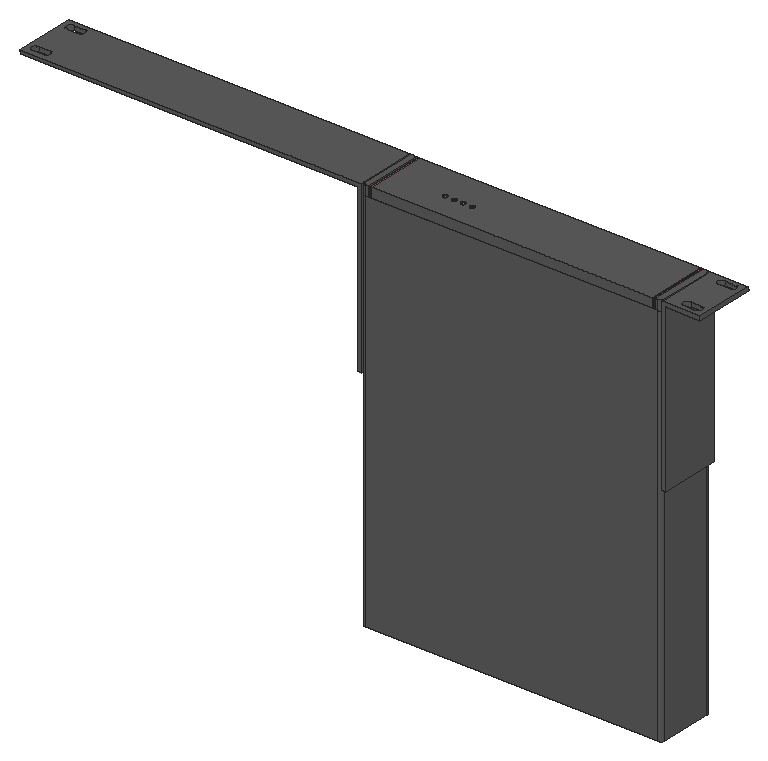
Revit family "Electronics_Amplifiers_Biamp_Voltera_A-600.4", category Communication Devices, host Face, Revit 2020
Family settings
  Host = Face
  Maintain Annotation Orientation = No
  Round Connector Dimension = Use Diameter
  Part Type = Normal
  OmniClass Number = 23.85.10.11.14.14.17
  OmniClass Title = Sound Amplifiers
  Cut with Voids When Loaded = No
  Shared = No
  Room Calculation Point = No
Parameters (values of type "A-600.4")
  Width = 8.66142"  # constant formula
  Weight = 6.10 lbf  # constant formula
  Voltage = 240 V
  Version = 1
  URL = "https://www.biamp.com/"
  Temperature Range = "32-104°F (0-40°C)"  # constant formula
  THD+N (20 - 20000 Hz for 1 W into 8 ohm) = "<0.5%"  # constant formula
  THD+N (1 kHz, 1 dB below clip) = "<0.008%"  # constant formula
  Surface Mount [instance] = Mount Type = Nom Surface Mount  # no
  Single Unit Rack Mount [instance] = Mount Type = Nom Single Unit Rack Mount  # yes
  Signal to Noise ratio (8 ohm) = ">103 dBA"  # constant formula
  Signal level indicator = "Signal level and limiter action"  # constant formula
  Product data url = "https://bimobject.com/biamp/product/a-600-4-amplifier"
  Product Page URL = "https://www.biamp.com/products/product-families/voltera/amplifiers#a-600-4"
  Product Documentation Link = "https://downloads.biamp.com/assets/docs/default-source/data-sheets/biamp_data_sheet_voltera_a-600w-series_amps_aug23.pdf"
  Power Factor = 1
  Number of Poles = 1
  Nom Surface Mount = Surface Mount : Surface Mount
  Nom Single Unit Rack Mount = Single Unit Rack Mount : Single Unit Rack Mount
  Offset_Y [instance] = if(or(Single Unit Rack Mount, Double Unit Right Rack Mount, Double Unit Left Rack Mount), 0", 5.70866")  # 0"
  Offset_X [instance] = if(Single Unit Rack Mount, 19.68504", if(or(Freestanding Mount, Surface Mount), 5.90945", if(Double Unit Right Rack Mount, 0.88976", 10.92913")))  # 19.68504"
  Offset [instance] = if(or(Single Unit Rack Mount, Double Unit Right Rack Mount, Double Unit Left Rack Mount), 0.11811", if(Freestanding Mount, 1.06299", 0.98425"))  # 0.11811"
  Mount Type [instance] = Single Unit Rack Mount : Single Unit Rack Mount
  Nom Freestanding Mount = Freestanding Mount : Freestanding Mount
  Nom Double Unit Right Rack Mount = Double Unit Right Rack Mount : Double Unit Right Rack Mount
  Nom Double Unit Left Rack Mount = Double Unit Left Rack Mount : Double Unit Left Rack Mount
  Model = "A-600.4"  # constant formula
  Mode switch / ch. (4 Ω / 8 Ω / 70 V / 100 V) = "Defnes the gain and the limiter thresholds"  # constant formula
  Max input level = "+24 dBu"  # constant formula
  Max Power Consumption = 600 W
  Manufacturer = "Biamp"  # constant formula
  Input sensitivity (for all Mode options) = "+4 dBu (1.23 Vrms)"  # constant formula
  Input impedance (balanced) = "8 kohm"  # constant formula
  Included accessories = "Rack solution for single/tandem 19 1 RU mount; Brackets for mounting under table/on wall/under ceiling"  # constant formula
  Humidity = "0-95% non-condensing"  # constant formula
  Housing Material = Biamp - Metal - Black
  High pass flter = "70 Hz 12 dB/octave (on/of)"  # constant formula
  Height = 1.73228"  # constant formula
  Gain trim (default 0 dB) = "In addition to reducing the gain down to -infnity, it can boost the gain and power by up to 3 dB"  # constant formula
  Gain for 8 ohm = "29 dB"  # constant formula
  Gain for 70 / 100 V = "35.2 / 38.2 dB"  # constant formula
  Gain for 4 ohm = "26 dB"  # constant formula
  Frequency response (20 - 20000 Hz, 8 ohm, unweighted) = "+/-0.5 dB"  # constant formula
  Freestanding Mount [instance] = Mount Type = Nom Freestanding Mount  # no
  Double Unit Right Rack Mount [instance] = Mount Type = Nom Double Unit Right Rack Mount  # no
  Double Unit Left Rack Mount [instance] = Mount Type = Nom Double Unit Left Rack Mount  # no
  Description = "Voltera® A Series Compact 4 Channel, 600 Amplifier Models"  # constant formula
  Depth = 11.41732"  # constant formula
  Default Elevation = 48"
  Date Updated = ""
  Date Created = "2023/08/21"
  Cooling = "Variable speed fans, front to back airfow"  # constant formula
  Control/monitoring IO = "Mute all channels (input);Health (output);Sleep mode status (output);Sleep mode (input)"  # constant formula
  Connector Description = "100-240 VAC, 50/60 Hz"  # constant formula
  Channel separation (crosstalk at 1 kHz) = ">75 dB"  # constant formula
  Apparent Load = Max Power Consumption / Power Factor  # 600 VA
  Angle [instance] = if(or(Single Unit Rack Mount, Double Unit Right Rack Mount, Double Unit Left Rack Mount), 0.00°, 90.00°)  # 0.00°
Reference planes (in)
  plane 1 "Center (Front/Back)": y = 0
  plane 2: z = 0
  plane 3 "Center (Left/Right)": x = 0
  plane 4: x = -5.91
Forms (in)
  Extrusion 1, solid, material "Biamp - Metal - Black", visible <- "Single Unit Rack Mount"
    sketch origin (0, 0, 0) x (1, 0, 0) y (0, 0, 1)
      loop
        line (19.2126, 0) -> (19.2126, 0.11811) -> (18.11024, 0.11811) -> (18.11024, -4.76582) -> (18.22835, -4.76582) -> (18.22835, 0) -> (19.2126, 0)
      loop
        line (-0.41195, 0) -> (9.33071, 0) -> (9.33071, -4.76582) -> (9.44882, -4.76582) -> (9.44882, 0.11811) -> (-0.41195, 0.11811) -> (-0.41195, 0)
    from -0.86614 to 0.86614
  Extrusion 2, void
    sketch origin (19.2126, 0, 0.11811) x (0, -1, 0) y (-1, 0, 0)
      loop
        arc (-0.74245, 19.05266) -> (-0.62608, 18.93629) -> (-0.50971, 19.05266) r 0.11637
        line (-0.50971, 19.05266) -> (-0.50971, 19.37254)
        arc (-0.50971, 19.37254) -> (-0.62608, 19.48891) -> (-0.74245, 19.37254) r 0.11637
        line (-0.74245, 19.37254) -> (-0.74245, 19.05266)
      loop
        line (0.74245, 19.05266) -> (0.74245, 19.37254)
        arc (0.74245, 19.37254) -> (0.62608, 19.48891) -> (0.50971, 19.37254) r 0.11637
        line (0.50971, 19.37254) -> (0.50971, 19.05266)
        arc (0.50971, 19.05266) -> (0.62608, 18.93629) -> (0.74245, 19.05266) r 0.11637
      loop
        line (-0.74245, 0.57189) -> (-0.74245, 0.25201)
        arc (-0.74245, 0.25201) -> (-0.62608, 0.13565) -> (-0.50971, 0.25201) r 0.11637
        line (-0.50971, 0.25201) -> (-0.50971, 0.57189)
        arc (-0.50971, 0.57189) -> (-0.62608, 0.68826) -> (-0.74245, 0.57189) r 0.11637
      loop
        arc (0.74245, 0.57189) -> (0.62608, 0.68826) -> (0.50971, 0.57189) r 0.11637
        line (0.50971, 0.57189) -> (0.50971, 0.25201)
        arc (0.50971, 0.25201) -> (0.62608, 0.13565) -> (0.74245, 0.25201) r 0.11637
        line (0.74245, 0.25201) -> (0.74245, 0.57189)
    from 0 to 0.11811
  Revolve 3, solid, material "Biamp - Plastic - Black", visible <- "Freestanding Mount"
    sketch origin (-3.54331, -0.34449, 0) x (0, 1, 0) y (0, 0, 1)
      loop
        line (4.92126, 0.19685) -> (4.58651, 0.19685)
        arc (4.58651, 0.19685) -> (4.72709, 0.05286) -> (4.92126, 0) r 0.38305
        line (4.92126, 0) -> (4.92126, 0.19685)
      axis (4.92126, 0.19685) -> (4.92126, 0)
    angle from 0 to 360
  Revolve 4, solid, material "Biamp - Plastic - Black", visible <- "Freestanding Mount"
    sketch origin (3.54331, -0.34449, 0) x (0, 1, 0) y (0, 0, -1)
      loop
        line (4.92126, -0.19685) -> (4.92126, 0)
        arc (4.92126, 0) -> (4.72709, -0.05286) -> (4.58651, -0.19685) r 0.38305
        line (4.58651, -0.19685) -> (4.92126, -0.19685)
      axis (4.92126, -0.19685) -> (4.92126, 0)
    angle from 0 to 360
  Revolve 5, solid, material "Biamp - Plastic - Black", visible <- "Freestanding Mount"
    sketch origin (-3.54331, 0.34449, 0) x (0, -1, 0) y (0, 0, -1)
      loop
        line (4.92126, -0.19685) -> (4.92126, 0)
        arc (4.92126, 0) -> (4.72709, -0.05286) -> (4.58651, -0.19685) r 0.38305
        line (4.58651, -0.19685) -> (4.92126, -0.19685)
      axis (4.92126, -0.19685) -> (4.92126, 0)
    angle from 0 to 360
  Revolve 6, solid, material "Biamp - Plastic - Black", visible <- "Freestanding Mount"
    sketch origin (3.54331, 0.34449, 0) x (0, -1, 0) y (0, 0, 1)
      loop
        line (4.92126, 0.19685) -> (4.58651, 0.19685)
        arc (4.58651, 0.19685) -> (4.72709, 0.05286) -> (4.92126, 0) r 0.38305
        line (4.92126, 0) -> (4.92126, 0.19685)
      axis (4.92126, 0.19685) -> (4.92126, 0)
    angle from 0 to 360
  Extrusion 7, solid, material "Biamp - Metal - Black", visible <- "Surface Mount", detail levels coarse
    sketch origin (-12.15168, 0, 0) x (1, 0, 0) y (0, 1, 0)
      loop
        line (6.71403, 9.22034) -> (6.71403, 8.08845) -> (8.68254, 8.08845) -> (8.68254, 9.22034) -> (6.71403, 9.22034)
      loop
        line (17.58934, 9.22034) -> (15.62083, 9.22034) -> (15.62083, 8.08845) -> (17.58934, 8.08845) -> (17.58934, 9.22034)
      loop
        line (6.71403, 4.84042) -> (6.71403, 3.70853) -> (8.68254, 3.70853) -> (8.68254, 4.84042) -> (6.71403, 4.84042)
      loop
        line (17.58934, 4.84042) -> (15.62083, 4.84042) -> (15.62083, 3.70853) -> (17.58934, 3.70853) -> (17.58934, 4.84042)
    from 0 to 0.11811
  Extrusion 8, solid, material "Biamp - Metal - Black", visible <- "Surface Mount", detail levels medium+fine
    sketch origin (-12.15168, 0, 0) x (1, 0, 0) y (0, 1, 0)
      loop
        arc (6.91088, 9.22034) -> (6.77169, 9.16268) -> (6.71403, 9.02349) r 0.19685
        line (6.71403, 9.02349) -> (6.71403, 8.2853)
        arc (6.71403, 8.2853) -> (6.77169, 8.1461) -> (6.91088, 8.08845) r 0.19685
        line (6.91088, 8.08845) -> (8.48569, 8.08845)
        arc (8.48569, 8.08845) -> (8.62488, 8.1461) -> (8.68254, 8.2853) r 0.19685
        line (8.68254, 8.2853) -> (8.68254, 9.02349)
        arc (8.68254, 9.02349) -> (8.62488, 9.16268) -> (8.48569, 9.22034) r 0.19685
        line (8.48569, 9.22034) -> (6.91088, 9.22034)
      loop
        arc (6.91088, 4.84042) -> (6.77169, 4.78276) -> (6.71403, 4.64357) r 0.19685
        line (6.71403, 4.64357) -> (6.71403, 3.90538)
        arc (6.71403, 3.90538) -> (6.77169, 3.76618) -> (6.91088, 3.70853) r 0.19685
        line (6.91088, 3.70853) -> (8.48569, 3.70853)
        arc (8.48569, 3.70853) -> (8.62488, 3.76618) -> (8.68254, 3.90538) r 0.19685
        line (8.68254, 3.90538) -> (8.68254, 4.64357)
        arc (8.68254, 4.64357) -> (8.62488, 4.78276) -> (8.48569, 4.84042) r 0.19685
        line (8.48569, 4.84042) -> (6.91088, 4.84042)
      loop
        arc (15.81768, 9.22034) -> (15.67849, 9.16268) -> (15.62083, 9.02349) r 0.19685
        line (15.62083, 9.02349) -> (15.62083, 8.2853)
        arc (15.62083, 8.2853) -> (15.67849, 8.1461) -> (15.81768, 8.08845) r 0.19685
        line (15.81768, 8.08845) -> (17.39249, 8.08845)
        arc (17.39249, 8.08845) -> (17.53168, 8.1461) -> (17.58934, 8.2853) r 0.19685
        line (17.58934, 8.2853) -> (17.58934, 9.02349)
        arc (17.58934, 9.02349) -> (17.53168, 9.16268) -> (17.39249, 9.22034) r 0.19685
        line (17.39249, 9.22034) -> (15.81768, 9.22034)
      loop
        arc (15.81768, 4.84042) -> (15.67849, 4.78276) -> (15.62083, 4.64357) r 0.19685
        line (15.62083, 4.64357) -> (15.62083, 3.90538)
        arc (15.62083, 3.90538) -> (15.67849, 3.76618) -> (15.81768, 3.70853) r 0.19685
        line (15.81768, 3.70853) -> (17.39249, 3.70853)
        arc (17.39249, 3.70853) -> (17.53168, 3.76618) -> (17.58934, 3.90538) r 0.19685
        line (17.58934, 3.90538) -> (17.58934, 4.64357)
        arc (17.58934, 4.64357) -> (17.53168, 4.78276) -> (17.39249, 4.84042) r 0.19685
        line (17.39249, 4.84042) -> (15.81768, 4.84042)
    from 0 to 0.11811
  Extrusion 9, solid, material "Biamp - Metal - Black", visible <- "Double Unit Right Rack Mount"
    sketch origin (0, 0, 0) x (1, 0, 0) y (0, 0, 1)
      loop
        line (0.41283, 0) -> (0.41283, 0.11811) -> (-0.68953, 0.11811) -> (-0.68953, -4.76582) -> (-0.57142, -4.76582) -> (-0.57142, 0) -> (0.41283, 0)
    from -0.86614 to 0.86614
  Extrusion 10, solid, material "Biamp - Metal - Black", visible <- "Double Unit Left Rack Mount"
    sketch origin (0, 0, 0) x (1, 0, 0) y (0, 0, 1)
      loop
        line (-0.41195, 0) -> (0.5723, 0) -> (0.5723, -4.76582) -> (0.69041, -4.76582) -> (0.69041, 0.11811) -> (-0.41195, 0.11811) -> (-0.41195, 0)
    from -0.86614 to 0.86614
  Extrusion 11, solid, material "Biamp - Metal - Black", visible <- "Double Unit Left Rack Mount", detail levels coarse
    sketch origin (-0.54395, 0, 0) x (1, 0, 0) y (0, 0, 1)
      loop
        line (10.92978, -3.59055) -> (8.96127, -3.59055) -> (8.96127, -4.72244) -> (10.92978, -4.72244) -> (10.92978, -3.59055)
      loop
        line (10.92978, -7.97047) -> (8.96127, -7.97047) -> (8.96127, -9.10236) -> (10.92978, -9.10236) -> (10.92978, -7.97047)
    from 0.86614 to 0.98425
  Extrusion 12, solid, material "Biamp - Metal - Black", visible <- "Double Unit Left Rack Mount", detail levels medium+fine
    sketch origin (-0.54395, 0, 0) x (1, 0, 0) y (0, 0, 1)
      loop
        line (10.73293, -3.59055) -> (9.15812, -3.59055)
        arc (9.15812, -3.59055) -> (9.01893, -3.64821) -> (8.96127, -3.7874) r 0.19685
        line (8.96127, -3.7874) -> (8.96127, -4.52559)
        arc (8.96127, -4.52559) -> (9.01893, -4.66478) -> (9.15812, -4.72244) r 0.19685
        line (9.15812, -4.72244) -> (10.73293, -4.72244)
        arc (10.73293, -4.72244) -> (10.87212, -4.66478) -> (10.92978, -4.52559) r 0.19685
        line (10.92978, -4.52559) -> (10.92978, -3.7874)
        arc (10.92978, -3.7874) -> (10.87212, -3.64821) -> (10.73293, -3.59055) r 0.19685
      loop
        line (10.73293, -7.97047) -> (9.15812, -7.97047)
        arc (9.15812, -7.97047) -> (9.01893, -8.02813) -> (8.96127, -8.16732) r 0.19685
        line (8.96127, -8.16732) -> (8.96127, -8.90551)
        arc (8.96127, -8.90551) -> (9.01893, -9.04471) -> (9.15812, -9.10236) r 0.19685
        line (9.15812, -9.10236) -> (10.73293, -9.10236)
        arc (10.73293, -9.10236) -> (10.87212, -9.04471) -> (10.92978, -8.90551) r 0.19685
        line (10.92978, -8.90551) -> (10.92978, -8.16732)
        arc (10.92978, -8.16732) -> (10.87212, -8.02813) -> (10.73293, -7.97047) r 0.19685
    from 0.86614 to 0.98425
Cuts and joins
  Extrusion 2 cuts Extrusion 1
  Extrusion 2 cuts Extrusion 9
  Extrusion 2 cuts Extrusion 10
Lines and regions (in)
  Masking region 1, visible <- "Single Unit Rack Mount"
    outline origin (0, -5.70866, 0) x (1, 0, 0) y (0, 1, 0)
      loop
        line (-0.41195, 6.5748) -> (-0.41195, 4.84252) -> (9.33071, 4.84252) -> (9.33071, 6.5748) -> (-0.41195, 6.5748)
      loop
        line (18.22835, 6.5748) -> (18.22835, 4.84252) -> (19.2126, 4.84252) -> (19.2126, 6.5748) -> (18.22835, 6.5748)
      loop
        line (-0.15994, 6.21837) -> (0.15994, 6.21837)
        arc (0.15994, 6.21837) -> (0.27631, 6.33474) -> (0.15994, 6.45111) r 0.11637
        line (0.15994, 6.45111) -> (-0.15994, 6.45111)
        arc (-0.15994, 6.45111) -> (-0.27631, 6.33474) -> (-0.15994, 6.21837) r 0.11637
      loop
        arc (-0.15994, 5.19895) -> (-0.27631, 5.08258) -> (-0.15994, 4.96622) r 0.11637
        line (-0.15994, 4.96622) -> (0.15994, 4.96622)
        arc (0.15994, 4.96622) -> (0.27631, 5.08258) -> (0.15994, 5.19895) r 0.11637
        line (0.15994, 5.19895) -> (-0.15994, 5.19895)
      loop
        arc (18.96059, 6.21837) -> (19.07695, 6.33474) -> (18.96059, 6.45111) r 0.11637
        line (18.96059, 6.45111) -> (18.6407, 6.45111)
        arc (18.6407, 6.45111) -> (18.52434, 6.33474) -> (18.6407, 6.21837) r 0.11637
        line (18.6407, 6.21837) -> (18.96059, 6.21837)
      loop
        line (18.96059, 5.19895) -> (18.6407, 5.19895)
        arc (18.6407, 5.19895) -> (18.52434, 5.08258) -> (18.6407, 4.96622) r 0.11637
        line (18.6407, 4.96622) -> (18.96059, 4.96622)
        arc (18.96059, 4.96622) -> (19.07695, 5.08258) -> (18.96059, 5.19895) r 0.11637
  Masking region 2, visible <- "Single Unit Rack Mount"
    outline origin (0, -5.70866, 0) x (1, 0, 0) y (0, 1, 0)
      loop
        line (9.33071, 6.5748) -> (9.33071, 4.84252) -> (9.44882, 4.84252) -> (9.44882, 6.5748) -> (9.33071, 6.5748)
      loop
        line (18.11024, 6.5748) -> (18.11024, 4.84252) -> (18.22835, 4.84252) -> (18.22835, 6.5748) -> (18.11024, 6.5748)
  Masking region 3, visible <- "Double Unit Right Rack Mount"
    outline origin (-18.80064, -5.70866, 0) x (1, 0, 0) y (0, 1, 0)
      loop
        line (18.22835, 6.5748) -> (18.22835, 4.84252) -> (19.2126, 4.84252) -> (19.2126, 6.5748) -> (18.22835, 6.5748)
      loop
        arc (18.96059, 6.21837) -> (19.07695, 6.33474) -> (18.96059, 6.45111) r 0.11637
        line (18.96059, 6.45111) -> (18.6407, 6.45111)
        arc (18.6407, 6.45111) -> (18.52434, 6.33474) -> (18.6407, 6.21837) r 0.11637
        line (18.6407, 6.21837) -> (18.96059, 6.21837)
      loop
        line (18.96059, 5.19895) -> (18.6407, 5.19895)
        arc (18.6407, 5.19895) -> (18.52434, 5.08258) -> (18.6407, 4.96622) r 0.11637
        line (18.6407, 4.96622) -> (18.96059, 4.96622)
        arc (18.96059, 4.96622) -> (19.07695, 5.08258) -> (18.96059, 5.19895) r 0.11637
  Masking region 4, visible <- "Double Unit Right Rack Mount"
    outline origin (-18.80064, -5.70866, 0) x (1, 0, 0) y (0, 1, 0)
      loop
        line (18.11024, 6.5748) -> (18.11024, 4.84252) -> (18.22835, 4.84252) -> (18.22835, 6.5748) -> (18.11024, 6.5748)
  Masking region 5, visible <- "Double Unit Left Rack Mount"
    outline origin (0, -5.70866, 0) x (1, 0, 0) y (0, 1, 0)
      loop
        line (-0.41195, 6.5748) -> (-0.41195, 4.84252) -> (0.5723, 4.84252) -> (0.5723, 6.5748) -> (-0.41195, 6.5748)
      loop
        line (-0.15994, 6.21837) -> (0.15994, 6.21837)
        arc (0.15994, 6.21837) -> (0.27631, 6.33474) -> (0.15994, 6.45111) r 0.11637
        line (0.15994, 6.45111) -> (-0.15994, 6.45111)
        arc (-0.15994, 6.45111) -> (-0.27631, 6.33474) -> (-0.15994, 6.21837) r 0.11637
      loop
        arc (-0.15994, 5.19895) -> (-0.27631, 5.08258) -> (-0.15994, 4.96622) r 0.11637
        line (-0.15994, 4.96622) -> (0.15994, 4.96622)
        arc (0.15994, 4.96622) -> (0.27631, 5.08258) -> (0.15994, 5.19895) r 0.11637
        line (0.15994, 5.19895) -> (-0.15994, 5.19895)
  Masking region 6, visible <- "Double Unit Left Rack Mount"
    outline origin (0, -5.70866, 0) x (1, 0, 0) y (0, 1, 0)
      loop
        line (0.5723, 6.5748) -> (0.5723, 4.84252) -> (0.69041, 4.84252) -> (0.69041, 6.5748) -> (0.5723, 6.5748)
  Masking region 7, visible <- "Surface Mount", detail levels coarse
    outline origin (-12.15168, 0, 0) x (1, 0, 0) y (0, 1, 0)
      loop
        line (6.71403, 9.22034) -> (6.71403, 8.08845) -> (7.84082, 8.08845) -> (7.84082, 9.22034) -> (6.71403, 9.22034)
      loop
        line (6.71403, 4.84042) -> (6.71403, 3.70853) -> (7.84082, 3.70853) -> (7.84082, 4.84042) -> (6.71403, 4.84042)
      loop
        line (17.58934, 9.22034) -> (16.46255, 9.22034) -> (16.46255, 8.08845) -> (17.58934, 8.08845) -> (17.58934, 9.22034)
      loop
        line (17.58934, 4.84042) -> (16.46255, 4.84042) -> (16.46255, 3.70853) -> (17.58934, 3.70853) -> (17.58934, 4.84042)
  Masking region 8, visible <- "Surface Mount", detail levels medium+fine
    outline origin (-12.15168, 0, 0) x (1, 0, 0) y (0, 1, 0)
      loop
        arc (6.91088, 9.22034) -> (6.77169, 9.16268) -> (6.71403, 9.02349) r 0.19685
        line (6.71403, 9.02349) -> (6.71403, 8.2853)
        arc (6.71403, 8.2853) -> (6.77169, 8.1461) -> (6.91088, 8.08845) r 0.19685
        line (6.91088, 8.08845) -> (7.84082, 8.08845) -> (7.84082, 9.22034) -> (6.91088, 9.22034)
      loop
        arc (6.91088, 4.84042) -> (6.77169, 4.78276) -> (6.71403, 4.64357) r 0.19685
        line (6.71403, 4.64357) -> (6.71403, 3.90538)
        arc (6.71403, 3.90538) -> (6.77169, 3.76618) -> (6.91088, 3.70853) r 0.19685
        line (6.91088, 3.70853) -> (7.84082, 3.70853) -> (7.84082, 4.84042) -> (6.91088, 4.84042)
      loop
        line (17.39249, 9.22034) -> (16.46255, 9.22034) -> (16.46255, 8.08845) -> (17.39249, 8.08845)
        arc (17.39249, 8.08845) -> (17.53168, 8.1461) -> (17.58934, 8.2853) r 0.19685
        line (17.58934, 8.2853) -> (17.58934, 9.02349)
        arc (17.58934, 9.02349) -> (17.53168, 9.16268) -> (17.39249, 9.22034) r 0.19685
      loop
        line (17.39249, 4.84042) -> (16.46255, 4.84042) -> (16.46255, 3.70853) -> (17.39249, 3.70853)
        arc (17.39249, 3.70853) -> (17.53168, 3.76618) -> (17.58934, 3.90538) r 0.19685
        line (17.58934, 3.90538) -> (17.58934, 4.64357)
        arc (17.58934, 4.64357) -> (17.53168, 4.78276) -> (17.39249, 4.84042) r 0.19685
  Masking region 9, visible <- "Surface Mount"
    outline origin (0, 0, 0) x (1, 0, 0) y (0, 0, 1)
      loop
        line (-5.43765, 0.11811) -> (-5.43765, 0) -> (-3.46915, 0) -> (-3.46915, 0.11811) -> (-5.43765, 0.11811)
      loop
        line (5.43765, 0.11811) -> (3.46915, 0.11811) -> (3.46915, 0) -> (5.43765, 0) -> (5.43765, 0.11811)
  Masking region 10, visible <- "Freestanding Mount"
    outline origin (0, 0, 0) x (1, 0, 0) y (0, 0, 1)
      loop
        line (-3.54331, 0.19685) -> (-3.87806, 0.19685)
        arc (-3.87806, 0.19685) -> (-3.54331, -0.00007) -> (-3.20856, 0.19685) r 0.38298
        line (-3.20856, 0.19685) -> (-3.54331, 0.19685)
      loop
        line (3.54331, 0.19685) -> (3.20856, 0.19685)
        arc (3.20856, 0.19685) -> (3.54331, -0.00007) -> (3.87806, 0.19685) r 0.38298
        line (3.87806, 0.19685) -> (3.54331, 0.19685)
  Masking region 11, visible <- "Double Unit Left Rack Mount"
    outline origin (0, 0, 0) x (1, 0, 0) y (0, 0, 1)
      loop
        line (-0.41195, 0.11811) -> (-0.41195, 0) -> (0.5723, 0) -> (0.5723, -4.76582) -> (0.69041, -4.76582) -> (0.69041, 0.11811) -> (-0.41195, 0.11811)
  Masking region 12, visible <- "Double Unit Right Rack Mount"
    outline origin (18.80064, 0, 0) x (-1, 0, 0) y (0, 0, 1)
      loop
        line (-0.41195, 0.11811) -> (-0.41195, 0) -> (0.5723, 0) -> (0.5723, -4.76582) -> (0.69041, -4.76582) -> (0.69041, 0.11811) -> (-0.41195, 0.11811)
  Masking region 13, visible <- "Single Unit Rack Mount"
    outline origin (18.80064, 0, 0) x (-1, 0, 0) y (0, 0, 1)
      loop
        line (-0.41195, 0.11811) -> (-0.41195, 0) -> (0.5723, 0) -> (0.5723, -4.76582) -> (0.69041, -4.76582) -> (0.69041, 0.11811) -> (-0.41195, 0.11811)
      loop
        line (19.2126, 0) -> (19.2126, 0.11811) -> (9.35183, 0.11811) -> (9.35183, -4.76582) -> (9.46994, -4.76582) -> (9.46994, 0) -> (19.2126, 0)
  Masking region 14, visible <- "Double Unit Left Rack Mount", detail levels coarse
    outline origin (-0.54395, 0, 0) x (1, 0, 0) y (0, 0, 1)
      loop
        line (8.96127, -3.59055) -> (8.96127, -4.72244) -> (10.92978, -4.72244) -> (10.92978, -3.59055) -> (8.96127, -3.59055)
      loop
        line (8.96127, -7.97047) -> (8.96127, -9.10236) -> (10.92978, -9.10236) -> (10.92978, -7.97047) -> (8.96127, -7.97047)
  Masking region 15, visible <- "Double Unit Left Rack Mount", detail levels medium+fine
    outline origin (-0.54395, 0, 0) x (1, 0, 0) y (0, 0, 1)
      loop
        arc (9.15812, -3.59055) -> (9.01893, -3.64821) -> (8.96127, -3.7874) r 0.19685
        line (8.96127, -3.7874) -> (8.96127, -4.52559)
        arc (8.96127, -4.52559) -> (9.01893, -4.66478) -> (9.15812, -4.72244) r 0.19685
        line (9.15812, -4.72244) -> (10.73293, -4.72244)
        arc (10.73293, -4.72244) -> (10.87212, -4.66478) -> (10.92978, -4.52559) r 0.19685
        line (10.92978, -4.52559) -> (10.92978, -3.7874)
        arc (10.92978, -3.7874) -> (10.87212, -3.64821) -> (10.73293, -3.59055) r 0.19685
        line (10.73293, -3.59055) -> (9.15812, -3.59055)
      loop
        arc (9.15812, -7.97047) -> (9.01893, -8.02813) -> (8.96127, -8.16732) r 0.19685
        line (8.96127, -8.16732) -> (8.96127, -8.90551)
        arc (8.96127, -8.90551) -> (9.01893, -9.04471) -> (9.15812, -9.10236) r 0.19685
        line (9.15812, -9.10236) -> (10.73293, -9.10236)
        arc (10.73293, -9.10236) -> (10.87212, -9.04471) -> (10.92978, -8.90551) r 0.19685
        line (10.92978, -8.90551) -> (10.92978, -8.16732)
        arc (10.92978, -8.16732) -> (10.87212, -8.02813) -> (10.73293, -7.97047) r 0.19685
        line (10.73293, -7.97047) -> (9.15812, -7.97047)
  reference lines
    curve 1: line (-12.15168, 0, 0) -> (27.21839, 0, 0)
    curve 2: line (13.77504, -14.07308, 0) -> (13.77504, 30.80881, 0)
    curve 3: line (13.77504, 28.70922, 0.11811) -> (13.77504, -14.59787, 0.11811)
    curve 4: line (13.77504, 0, -5.3937) -> (13.77504, 0, 16.65354)
    curve 5: line (13.77504, 0, -5.55602) -> (13.77504, 0, 0.11811)
Dimensions and locks (in)
  "Offset_Y": curve 1 to plane 1 "Center (Front/Back)"
  "Offset_X": plane 4 to curve 2
  "Offset": curve 3 to plane 2
  locked: plane 4 to plane 3 "Center (Left/Right)" at 5.91
  "Angle": angle curve 5 to curve 4
  aligned and locked: plane 2 to host face
  aligned and locked: level to host face
  aligned and locked: curve 4 to curve 5
  aligned and locked: curve 3 to curve 5
Automatic sketch dimensions
  host sketch curve to host sketch curve = 96"  (x2)
  curve 4 to curve 3 = 14.59787"
  curve 4 to curve 3 = 16.53543"
  curve 4 to curve 3 = 5.51181"
  Extrusion 1 sketch curve to level = 0"  (x2)
  Extrusion 1 sketch curve to plane 3 "Center (Left/Right)" = 0.41195"
  plane 3 "Center (Left/Right)" to Extrusion 1 sketch curve = 9.33071"
  Extrusion 1 sketch curve to Extrusion 1 sketch curve = 0.11811"  (x3)
  Extrusion 1 sketch curve to Extrusion 1 sketch curve = 8.66142"
  Extrusion 1 sketch curve to Extrusion 1 sketch curve = 0.98425"
  Extrusion 1 sketch curve to level = 4.76582"  (x2)
  level to Extrusion 1 sketch curve = 0.11811"
  Extrusion 1 to Extrusion 2 sketch curve = 0.1237"  (x2)
  Extrusion 2 sketch curve to Extrusion 2 sketch curve = 0.11637"  (x4)
  Extrusion 1 to Extrusion 2 sketch curve = 0.35643"  (x2)
  Extrusion 1 to Extrusion 2 sketch curve = 18.27018"
  Extrusion 2 sketch curve to Extrusion 2 sketch curve = 0"
  Extrusion 2 sketch curve to Extrusion 2 sketch curve = 0.31988"  (x2)
  Extrusion 1 to Extrusion 2 sketch curve = 0.57189"  (x2)
  Extrusion 1 to Extrusion 2 sketch curve = 0.25201"  (x2)
  Revolve 3 sketch curve to level = 0"
  level to Revolve 3 sketch curve = 0.19685"
  Revolve 3 sketch curve to plane 1 "Center (Front/Back)" = 4.24202"
  Revolve 3 sketch curve to Revolve 3 sketch curve = 0.33475"
  Revolve 3 sketch curve to Revolve 3 sketch curve = 0"  (x2)
  Revolve 3 sketch curve to level = 0.10776"
  Revolve 4 sketch curve to level = 0"
  level to Revolve 4 sketch curve = 0.19685"
  Revolve 4 sketch curve to plane 1 "Center (Front/Back)" = 4.24202"
  Revolve 4 sketch curve to Revolve 4 sketch curve = 0.33475"
  Revolve 4 sketch curve to Revolve 4 sketch curve = 0"  (x2)
  Revolve 4 sketch curve to level = 0.10776"
  Revolve 5 sketch curve to level = 0"
  level to Revolve 5 sketch curve = 0.19685"
  plane 1 "Center (Front/Back)" to Revolve 5 sketch curve = 4.24202"
  Revolve 5 sketch curve to Revolve 5 sketch curve = 0.33475"
  Revolve 5 sketch curve to Revolve 5 sketch curve = 0"  (x2)
  Revolve 5 sketch curve to level = 0.10776"
  Revolve 6 sketch curve to level = 0"
  level to Revolve 6 sketch curve = 0.19685"
  plane 1 "Center (Front/Back)" to Revolve 6 sketch curve = 4.24202"
  Revolve 6 sketch curve to Revolve 6 sketch curve = 0.33475"
  Revolve 6 sketch curve to Revolve 6 sketch curve = 0"  (x2)
  Revolve 6 sketch curve to level = 0.10776"
  curve 1 to Extrusion 7 sketch curve = 6.71403"
  Extrusion 7 sketch curve to Extrusion 7 sketch curve = 0"  (x2)
  Extrusion 7 sketch curve to Extrusion 7 sketch curve = 1.9685"  (x4)
  Extrusion 7 sketch curve to Extrusion 7 sketch curve = 6.9383"
  Extrusion 7 sketch curve to curve 1 = 3.70853"  (x2)
  Extrusion 7 sketch curve to Extrusion 7 sketch curve = 1.13189"  (x4)
  Extrusion 7 sketch curve to Extrusion 7 sketch curve = 3.24803"  (x2)
  curve 1 to Extrusion 8 sketch curve = 6.71403"
  Extrusion 8 sketch curve to Extrusion 8 sketch curve = 0"  (x6)
  Extrusion 8 sketch curve to Extrusion 8 sketch curve = 0.19685"  (x12)
  Extrusion 8 sketch curve to Extrusion 8 sketch curve = 1.5748"  (x4)
  Extrusion 8 sketch curve to Extrusion 8 sketch curve = 6.9383"
  Extrusion 8 sketch curve to curve 1 = 3.70853"  (x2)
  Extrusion 8 sketch curve to Extrusion 8 sketch curve = 0.73819"  (x4)
  Extrusion 8 sketch curve to Extrusion 8 sketch curve = 3.24803"  (x2)
  Extrusion 9 sketch curve to level = 0"
  Extrusion 9 sketch curve to level = 4.76582"
  Extrusion 9 sketch curve to plane 3 "Center (Left/Right)" = 0.68953"
  Extrusion 9 sketch curve to Extrusion 9 sketch curve = 0.11811"
  level to Extrusion 9 sketch curve = 0.11811"
  Extrusion 9 sketch curve to Extrusion 9 sketch curve = 0.98425"
  Extrusion 10 sketch curve to level = 0"
  level to Extrusion 10 sketch curve = 0.11811"
  Extrusion 10 sketch curve to plane 3 "Center (Left/Right)" = 0.41195"
  plane 3 "Center (Left/Right)" to Extrusion 10 sketch curve = 0.5723"
  Extrusion 10 sketch curve to Extrusion 10 sketch curve = 0.11811"
  Extrusion 10 sketch curve to level = 4.76582"
  plane 3 "Center (Left/Right)" to Extrusion 11 sketch curve = 8.41732"
  Extrusion 11 sketch curve to Extrusion 11 sketch curve = 0"
  Extrusion 11 sketch curve to Extrusion 11 sketch curve = 1.9685"  (x2)
  Extrusion 11 sketch curve to level = 9.10236"
  Extrusion 11 sketch curve to Extrusion 11 sketch curve = 1.13189"  (x2)
  Extrusion 11 sketch curve to Extrusion 11 sketch curve = 3.24803"
  plane 3 "Center (Left/Right)" to Extrusion 12 sketch curve = 8.41732"
  Extrusion 12 sketch curve to Extrusion 12 sketch curve = 0"  (x3)
  Extrusion 12 sketch curve to Extrusion 12 sketch curve = 0.19685"  (x6)
  Extrusion 12 sketch curve to Extrusion 12 sketch curve = 1.5748"  (x2)
  Extrusion 12 sketch curve to level = 9.10236"
  Extrusion 12 sketch curve to Extrusion 12 sketch curve = 0.73819"  (x2)
  Extrusion 12 sketch curve to Extrusion 12 sketch curve = 3.24803"
  Masking region 1 sketch curve to plane 3 "Center (Left/Right)" = 0.41195"
  Masking region 1 sketch curve to plane 3 "Center (Left/Right)" = 0.15994"  (x2)
  plane 3 "Center (Left/Right)" to Masking region 1 sketch curve = 0.15994"  (x2)
  Masking region 1 sketch curve to plane 1 "Center (Front/Back)" = 0.86614"  (x2)
  Masking region 1 sketch curve to Masking region 1 sketch curve = 9.17077"
  plane 1 "Center (Front/Back)" to Masking region 1 sketch curve = 0.86614"  (x2)
  Masking region 1 sketch curve to Masking region 1 sketch curve = 8.89764"
  Masking region 1 sketch curve to Masking region 1 sketch curve = 0.41236"  (x2)
  Masking region 1 sketch curve to plane 1 "Center (Front/Back)" = 0.50971"
  Masking region 1 sketch curve to Masking region 1 sketch curve = 0.31988"  (x2)
  Masking region 1 sketch curve to Masking region 1 sketch curve = 0.25201"
  Masking region 1 sketch curve to Masking region 1 sketch curve = 0.1237"  (x2)
  Masking region 1 sketch curve to Masking region 1 sketch curve = 0.11637"  (x4)
  Masking region 1 sketch curve to Masking region 1 sketch curve = 0.35643"
  plane 1 "Center (Front/Back)" to Masking region 2 sketch curve = 0.86614"  (x2)
  plane 3 "Center (Left/Right)" to Masking region 2 sketch curve = 9.33071"
  Masking region 2 sketch curve to Masking region 2 sketch curve = 0.11811"  (x2)
  Masking region 2 sketch curve to plane 1 "Center (Front/Back)" = 0.86614"  (x2)
  Masking region 2 sketch curve to Masking region 2 sketch curve = 8.66142"
  plane 1 "Center (Front/Back)" to Masking region 3 sketch curve = 0.86614"
  Masking region 3 sketch curve to plane 3 "Center (Left/Right)" = 0.5723"
  Masking region 3 sketch curve to Masking region 3 sketch curve = 0.41236"  (x2)
  Masking region 3 sketch curve to Masking region 3 sketch curve = 0.31988"  (x2)
  Masking region 3 sketch curve to Masking region 3 sketch curve = 0.25201"
  Masking region 3 sketch curve to Masking region 3 sketch curve = 0.1237"
  Masking region 3 sketch curve to Masking region 3 sketch curve = 0.11637"  (x2)
  Masking region 3 sketch curve to plane 1 "Center (Front/Back)" = 0.50971"
  Masking region 3 sketch curve to plane 1 "Center (Front/Back)" = 0.86614"
  plane 1 "Center (Front/Back)" to Masking region 4 sketch curve = 0.86614"
  Masking region 4 sketch curve to plane 3 "Center (Left/Right)" = 0.69041"
  Masking region 4 sketch curve to Masking region 4 sketch curve = 0.11811"
  Masking region 4 sketch curve to plane 1 "Center (Front/Back)" = 0.86614"
  Masking region 5 sketch curve to plane 3 "Center (Left/Right)" = 0.41195"
  Masking region 5 sketch curve to plane 3 "Center (Left/Right)" = 0.15994"  (x2)
  plane 3 "Center (Left/Right)" to Masking region 5 sketch curve = 0.15994"  (x2)
  Masking region 5 sketch curve to Masking region 5 sketch curve = 0.41236"
  plane 1 "Center (Front/Back)" to Masking region 5 sketch curve = 0.86614"
  Masking region 5 sketch curve to Masking region 5 sketch curve = 0.1237"  (x2)
  Masking region 5 sketch curve to Masking region 5 sketch curve = 0.11637"  (x2)
  Masking region 5 sketch curve to plane 1 "Center (Front/Back)" = 0.50971"
  plane 3 "Center (Left/Right)" to Masking region 6 sketch curve = 0.5723"
  Masking region 6 sketch curve to Masking region 6 sketch curve = 0.11811"
  plane 1 "Center (Front/Back)" to Masking region 6 sketch curve = 0.86614"
  Masking region 6 sketch curve to plane 1 "Center (Front/Back)" = 0.86614"
  curve 1 to Masking region 7 sketch curve = 6.71403"
  Masking region 7 sketch curve to Masking region 7 sketch curve = 0"  (x2)
  Masking region 7 sketch curve to Masking region 7 sketch curve = 1.12679"  (x4)
  Masking region 7 sketch curve to curve 1 = 3.70853"  (x2)
  Masking region 7 sketch curve to Masking region 7 sketch curve = 8.62172"
  Masking region 7 sketch curve to Masking region 7 sketch curve = 1.13189"  (x4)
  Masking region 7 sketch curve to Masking region 7 sketch curve = 3.24803"  (x2)
  curve 1 to Masking region 8 sketch curve = 6.71403"
  Masking region 8 sketch curve to Masking region 8 sketch curve = 0"  (x3)
  Masking region 8 sketch curve to Masking region 8 sketch curve = 0.19685"  (x6)
  Masking region 8 sketch curve to Masking region 8 sketch curve = 0.92994"  (x5)
  Masking region 8 sketch curve to curve 1 = 4.84042"
  Masking region 8 sketch curve to Masking region 8 sketch curve = 8.62172"
  Masking region 8 sketch curve to curve 1 = 4.64357"
  Masking region 8 sketch curve to Masking region 8 sketch curve = 0.73819"  (x4)
  Masking region 8 sketch curve to Masking region 8 sketch curve = 3.24803"  (x2)
  Masking region 9 sketch curve to level = 0"  (x2)
  Masking region 9 sketch curve to plane 3 "Center (Left/Right)" = 5.43765"
  Masking region 9 sketch curve to Masking region 9 sketch curve = 1.9685"  (x2)
  plane 3 "Center (Left/Right)" to Masking region 9 sketch curve = 3.46915"
  level to Masking region 9 sketch curve = 0.11811"  (x2)
  level to Masking region 10 sketch curve = 0.19685"  (x2)
  Masking region 10 sketch curve to plane 3 "Center (Left/Right)" = 3.87806"
  Masking region 10 sketch curve to Masking region 10 sketch curve = 0.33475"  (x2)
  Masking region 10 sketch curve to Masking region 10 sketch curve = 0"  (x2)
  plane 3 "Center (Left/Right)" to Masking region 10 sketch curve = 3.20856"
  Masking region 10 sketch curve to Masking region 10 sketch curve = 0.18606"  (x2)
  Masking region 11 sketch curve to level = 0"
  level to Masking region 11 sketch curve = 0.11811"
  Masking region 11 sketch curve to plane 3 "Center (Left/Right)" = 0.41195"
  plane 3 "Center (Left/Right)" to Masking region 11 sketch curve = 0.5723"
  Masking region 11 sketch curve to Masking region 11 sketch curve = 0.11811"
  Masking region 11 sketch curve to level = 4.76582"
  Masking region 12 sketch curve to level = 0"
  level to Masking region 12 sketch curve = 0.11811"
  plane 3 "Center (Left/Right)" to Masking region 12 sketch curve = 19.2126"
  Masking region 12 sketch curve to Masking region 12 sketch curve = 0.98425"
  Masking region 12 sketch curve to Masking region 12 sketch curve = 0.11811"
  Masking region 12 sketch curve to level = 4.76582"
  Masking region 13 sketch curve to level = 0"  (x2)
  level to Masking region 13 sketch curve = 0.11811"  (x2)
  plane 3 "Center (Left/Right)" to Masking region 13 sketch curve = 19.2126"
  Masking region 13 sketch curve to Masking region 13 sketch curve = 0.98425"
  Masking region 13 sketch curve to Masking region 13 sketch curve = 0.11811"  (x2)
  Masking region 13 sketch curve to Masking region 13 sketch curve = 8.66142"
  Masking region 13 sketch curve to plane 3 "Center (Left/Right)" = 0.41195"
  Masking region 13 sketch curve to level = 4.76582"  (x2)
  Masking region 14 sketch curve to level = 3.59055"
  plane 3 "Center (Left/Right)" to Masking region 14 sketch curve = 8.41732"
  Masking region 14 sketch curve to Masking region 14 sketch curve = 0"
  Masking region 14 sketch curve to Masking region 14 sketch curve = 1.9685"  (x2)
  Masking region 14 sketch curve to Masking region 14 sketch curve = 1.13189"  (x2)
  Masking region 14 sketch curve to Masking region 14 sketch curve = 3.24803"
  plane 3 "Center (Left/Right)" to Masking region 15 sketch curve = 8.41732"
  Masking region 15 sketch curve to Masking region 15 sketch curve = 0"  (x3)
  Masking region 15 sketch curve to Masking region 15 sketch curve = 0.19685"  (x6)
  Masking region 15 sketch curve to Masking region 15 sketch curve = 1.5748"  (x2)
  Masking region 15 sketch curve to level = 9.10236"
  Masking region 15 sketch curve to Masking region 15 sketch curve = 0.73819"  (x2)
  Masking region 15 sketch curve to Masking region 15 sketch curve = 3.24803"
  curve 1 to plane 4 = 6.24168"
  plane 3 "Center (Left/Right)" to curve 1 = 27.21839"
  curve 2 to curve 1 = 14.07308"
  curve 1 to curve 2 = 30.80881"
  curve 3 to curve 2 = 0.52479"
  curve 3 to curve 2 = 2.09959"
Nested families (in)
  nested 1: "Freestanding Mount" at (0, 0, 0), type "Freestanding Mount"
  nested 2: "Surface Mount" at (0, 0, 0), type "Surface Mount"
  nested 3: "Single Unit Rack Mount" at (0, 0, 0), type "Single Unit Rack Mount"
  nested 4: "Double Unit Right Rack Mount" at (0, 0, 0), type "Double Unit Right Rack Mount"
  nested 5: "Double Unit Left Rack Mount" at (0, 0, 0), type "Double Unit Left Rack Mount"
  nested 6: "VOLTERA_4" at (13.77504, -0.86614, -5.59055) x (1, 0, 0) z (0, 1, 0), Housing Material <- "Housing Material", type "VOLTERA_4"
    with Housing Material Biamp - Metal - Black
Connectors (in)
  electrical at (17.37618, 0.04581, -11.02263), driven by "Number of Poles", driven by "Voltage", driven by "Apparent Load", driven by "Power Factor", driven by "Connector Description"
    settings: on nested 6, index 1, voltage 240 V, apparent load 600 VA, apparent load phase1 0 VA, apparent load phase2 0 VA, apparent load phase3 0 VA, power factor 1, load classification "Other", number of poles 1, system type 30, power factor state 1, is connector primary yes, connector utility no, sub classification motor no, connector description "100-240 VAC, 50/60 Hz"
  electrical at (16.61567, -0.28014, -11.02263)
    settings: on nested 6, index 2, voltage 0 V, apparent load 0 VA, apparent load phase1 0 VA, apparent load phase2 0 VA, apparent load phase3 0 VA, power factor 1, load classification "Other", number of poles 1, system type 5, power factor state 1, is connector primary no, connector utility no, sub classification motor no, connector description "USB-C connector"
  electrical at (15.93608, -0.32984, -11.02263)
    settings: on nested 6, index 3, voltage 0 V, apparent load 0 VA, apparent load phase1 0 VA, apparent load phase2 0 VA, apparent load phase3 0 VA, power factor 1, load classification "Other", number of poles 1, system type 5, power factor state 1, is connector primary no, connector utility no, sub classification motor no, connector description "Terminal block,voltage control input"
  electrical at (16.1449, 0.37784, -11.02263)
    settings: on nested 6, index 4, voltage 0 V, apparent load 0 VA, apparent load phase1 0 VA, apparent load phase2 0 VA, apparent load phase3 0 VA, power factor 1, load classification "Other", number of poles 1, system type 5, power factor state 1, is connector primary no, connector utility no, sub classification motor no, connector description "1-st 3-pin input port"
  electrical at (15.72637, 0.37784, -11.02263)
    settings: on nested 6, index 5, voltage 0 V, apparent load 0 VA, apparent load phase1 0 VA, apparent load phase2 0 VA, apparent load phase3 0 VA, power factor 1, load classification "Other", number of poles 1, system type 5, power factor state 1, is connector primary no, connector utility no, sub classification motor no, connector description "2-nd 3-pin input port"
  electrical at (15.066, -0.32984, -11.02263)
    settings: on nested 6, index 6, voltage 0 V, apparent load 0 VA, apparent load phase1 0 VA, apparent load phase2 0 VA, apparent load phase3 0 VA, power factor 1, load classification "Other", number of poles 1, system type 5, power factor state 1, is connector primary no, connector utility no, sub classification motor no, connector description "Logic input / output connectors"
  electrical at (12.13888, -0.16855, -11.02263)
    settings: on nested 6, index 7, voltage 0 V, apparent load 0 VA, apparent load phase1 0 VA, apparent load phase2 0 VA, apparent load phase3 0 VA, power factor 1, load classification "Other", number of poles 1, system type 5, power factor state 1, is connector primary no, connector utility no, sub classification motor no, connector description "Speaker output port 1"
  electrical at (11.43394, -0.16855, -11.02263)
    settings: on nested 6, index 8, voltage 0 V, apparent load 0 VA, apparent load phase1 0 VA, apparent load phase2 0 VA, apparent load phase3 0 VA, power factor 1, load classification "Other", number of poles 1, system type 5, power factor state 1, is connector primary no, connector utility no, sub classification motor no, connector description "Speaker output port 2"
  electrical at (15.21979, 0.37784, -11.02263)
    settings: on nested 6, index 9, voltage 0 V, apparent load 0 VA, apparent load phase1 0 VA, apparent load phase2 0 VA, apparent load phase3 0 VA, power factor 1, load classification "Other", number of poles 1, system type 5, power factor state 1, is connector primary no, connector utility no, sub classification motor no, connector description "3-rd 3-pin input port"
  electrical at (14.80126, 0.37784, -11.02263)
    settings: on nested 6, index 10, voltage 0 V, apparent load 0 VA, apparent load phase1 0 VA, apparent load phase2 0 VA, apparent load phase3 0 VA, power factor 1, load classification "Other", number of poles 1, system type 5, power factor state 1, is connector primary no, connector utility no, sub classification motor no, connector description "4-th 3-pin input port"
  electrical at (10.72901, -0.16855, -11.02263)
    settings: on nested 6, index 11, voltage 0 V, apparent load 0 VA, apparent load phase1 0 VA, apparent load phase2 0 VA, apparent load phase3 0 VA, power factor 1, load classification "Other", number of poles 1, system type 5, power factor state 1, is connector primary no, connector utility no, sub classification motor no, connector description "Speaker output port 3"
  electrical at (10.02407, -0.16855, -11.02263)
    settings: on nested 6, index 12, voltage 0 V, apparent load 0 VA, apparent load phase1 0 VA, apparent load phase2 0 VA, apparent load phase3 0 VA, power factor 1, load classification "Other", number of poles 1, system type 5, power factor state 1, is connector primary no, connector utility no, sub classification motor no, connector description "Speaker output port 4"
Definition of nested family "VOLTERA_4"
  Parameters (values of type "VOLTERA_4")
    Housing Material [instance] = none
    Default Elevation = 48"
  Reference planes (in)
    plane 1 "Center (Front/Back)": y = 0
    plane 2: z = 0
    plane 3 "Center (Left/Right)": x = 0
  Forms (in)
    Extrusion 1, solid, material <- "Housing Material", detail levels coarse
      sketch origin (0, 0, 0) x (1, 0, 0) y (0, 1, 0)
        loop
          line (-4.33071, 5.70866) -> (-4.33071, -5.70866) -> (4.33071, -5.70866) -> (4.33071, 5.70866) -> (-4.33071, 5.70866)
      from 0 to 1.73228
    Extrusion 2, solid, material <- "Housing Material", detail levels medium+fine
      sketch origin (4.33071, -5.70866, 0) x (-1, 0, 0) y (0, 0, -1)
        loop
          line (0.11811, -1.73228) -> (8.54412, -1.73228)
          arc (8.54412, -1.73228) -> (8.62706, -1.69793) -> (8.66142, -1.61499) r 0.1173
          line (8.66142, -1.61499) -> (8.66142, -0.11811)
          arc (8.66142, -0.11811) -> (8.62682, -0.03459) -> (8.54331, 0) r 0.11811
          line (8.54331, 0) -> (0.11811, 0)
          arc (0.11811, 0) -> (0.03459, -0.03459) -> (0, -0.11811) r 0.11811
          line (0, -0.11811) -> (0, -1.61417)
          arc (0, -1.61417) -> (0.03459, -1.69769) -> (0.11811, -1.73228) r 0.11811
      from -11.41732 to -0.27559
    Extrusion 3, void
      sketch origin (0, 0, 0) x (1, 0, 0) y (0, 0, 1)
        loop
          line (-4.11784, 1.73228) -> (-4.11784, 0) -> (-4.05879, 0) -> (-4.05879, 1.73228) -> (-4.11784, 1.73228)
        loop
          line (4.11784, 1.73228) -> (4.05879, 1.73228) -> (4.05879, 0) -> (4.11784, 0) -> (4.11784, 1.73228)
      from 5.43307 to 5.70866
    Extrusion 4, solid, detail levels medium+fine
      sketch origin (0, 0, 0) x (1, 0, 0) y (0, 0, 1)
        loop
          line (-4.11784, 1.73228) -> (-4.11784, 0) -> (-4.05879, 0) -> (-4.05879, 1.73228) -> (-4.11784, 1.73228)
        loop
          line (4.11784, 1.73228) -> (4.05879, 1.73228) -> (4.05879, 0) -> (4.11784, 0) -> (4.11784, 1.73228)
      from 5.43307 to 5.70866
    Extrusion 5, void
      sketch origin (4.33071, 5.70866, 0) x (1, 0, 0) y (0, 0, -1)
        loop
          arc (-0.53307, -1.34241) -> (-0.47739, -1.31934) -> (-0.45433, -1.26367) r 0.07874
          line (-0.45433, -1.26367) -> (-0.45433, -0.56024)
          arc (-0.45433, -0.56024) -> (-0.47739, -0.50456) -> (-0.53307, -0.4815) r 0.07874
          line (-0.53307, -0.4815) -> (-0.70483, -0.4815)
          arc (-0.70483, -0.4815) -> (-0.75756, -0.49199) -> (-0.80227, -0.52186) r 0.1378
          line (-0.80227, -0.52186) -> (-0.92417, -0.64375)
          arc (-0.92417, -0.64375) -> (-0.94977, -0.68207) -> (-0.95876, -0.72727) r 0.11811
          line (-0.95876, -0.72727) -> (-0.95876, -1.09663)
          arc (-0.95876, -1.09663) -> (-0.94977, -1.14183) -> (-0.92417, -1.18015) r 0.11811
          line (-0.92417, -1.18015) -> (-0.80227, -1.30205)
          arc (-0.80227, -1.30205) -> (-0.75756, -1.33192) -> (-0.70483, -1.34241) r 0.1378
          line (-0.70483, -1.34241) -> (-0.53307, -1.34241)
        loop
          arc (-1.42949, -0.50241) -> (-1.49008, -0.44182) -> (-1.55067, -0.50241) r 0.06059
          line (-1.55067, -0.50241) -> (-1.55067, -0.6696)
          arc (-1.55067, -0.6696) -> (-1.49008, -0.73019) -> (-1.42949, -0.6696) r 0.06059
          line (-1.42949, -0.6696) -> (-1.42949, -0.50241)
        loop
          line (-1.75926, -1.34241) -> (-1.75926, -1.14556) -> (-2.16245, -1.14556) -> (-2.16245, -1.34241) -> (-1.75926, -1.34241)
        loop
          line (-2.17778, -1.34241) -> (-2.17778, -1.14556) -> (-2.58097, -1.14556) -> (-2.58097, -1.34241) -> (-2.17778, -1.34241)
        loop
          line (-1.81429, -0.63473) -> (-1.81429, -0.43788) -> (-2.52505, -0.43788) -> (-2.52505, -0.63473) -> (-1.81429, -0.63473)
        loop
          line (-2.68437, -0.63473) -> (-2.68437, -0.43788) -> (-3.39514, -0.43788) -> (-3.39514, -0.63473) -> (-2.68437, -0.63473)
        loop
          line (-6.39411, -0.98192) -> (-6.39411, -0.41327) -> (-6.94951, -0.41327) -> (-6.94951, -0.98192) -> (-6.39411, -0.98192)
        loop
          line (-5.68917, -0.98192) -> (-5.68917, -0.41327) -> (-6.24457, -0.41327) -> (-6.24457, -0.98192) -> (-5.68917, -0.98192)
        loop
          circle (-4.16762, -1.34241) r 0.1211
        loop
          circle (-5.34872, -1.34241) r 0.1211
        loop
          line (-2.68437, -1.34241) -> (-2.68437, -1.14556) -> (-3.08756, -1.14556) -> (-3.08756, -1.34241) -> (-2.68437, -1.34241)
        loop
          line (-3.10289, -1.34241) -> (-3.10289, -1.14556) -> (-3.50608, -1.14556) -> (-3.50608, -1.34241) -> (-3.10289, -1.34241)
        loop
          circle (-4.16762, -0.68123) r 0.1211
        loop
          circle (-5.34872, -0.68123) r 0.1211
        loop
          line (-7.09904, -0.98192) -> (-7.09904, -0.41327) -> (-7.65444, -0.41327) -> (-7.65444, -0.98192) -> (-7.09904, -0.98192)
        loop
          line (-7.80398, -0.98192) -> (-7.80398, -0.41327) -> (-8.35938, -0.41327) -> (-8.35938, -0.98192) -> (-7.80398, -0.98192)
      from -0.27658 to 0
    Extrusion 6, solid, material <- "Housing Material", detail levels medium+fine
      sketch origin (4.33071, 5.70866, 0) x (1, 0, 0) y (0, 0, -1)
        loop
          arc (-0.45433, -0.56024) -> (-0.47739, -0.50456) -> (-0.53307, -0.4815) r 0.07874
          line (-0.53307, -0.4815) -> (-0.70483, -0.4815)
          arc (-0.70483, -0.4815) -> (-0.75756, -0.49199) -> (-0.80227, -0.52186) r 0.1378
          line (-0.80227, -0.52186) -> (-0.92417, -0.64375)
          arc (-0.92417, -0.64375) -> (-0.94977, -0.68207) -> (-0.95876, -0.72727) r 0.11811
          line (-0.95876, -0.72727) -> (-0.95876, -1.09663)
          arc (-0.95876, -1.09663) -> (-0.94977, -1.14183) -> (-0.92417, -1.18015) r 0.11811
          line (-0.92417, -1.18015) -> (-0.80227, -1.30205)
          arc (-0.80227, -1.30205) -> (-0.75756, -1.33192) -> (-0.70483, -1.34241) r 0.1378
          line (-0.70483, -1.34241) -> (-0.53307, -1.34241)
          arc (-0.53307, -1.34241) -> (-0.47739, -1.31934) -> (-0.45433, -1.26367) r 0.07874
          line (-0.45433, -1.26367) -> (-0.45433, -0.56024)
        loop
          arc (-0.39932, -1.44278) -> (-0.35756, -1.42548) -> (-0.34026, -1.38373) r 0.05906
          line (-0.34026, -1.38373) -> (-0.34026, -0.44018)
          arc (-0.34026, -0.44018) -> (-0.35756, -0.39842) -> (-0.39932, -0.38112) r 0.05906
          line (-0.39932, -0.38112) -> (-1.0339, -0.38112)
          arc (-1.0339, -0.38112) -> (-1.07566, -0.39842) -> (-1.09296, -0.44018) r 0.05906
          line (-1.09296, -0.44018) -> (-1.09296, -1.38373)
          arc (-1.09296, -1.38373) -> (-1.07566, -1.42548) -> (-1.0339, -1.44278) r 0.05906
          line (-1.0339, -1.44278) -> (-0.39932, -1.44278)
      from 0 to 0.01969
    Extrusion 7, solid, detail levels medium+fine
      sketch origin (4.33071, 5.43208, 0) x (1, 0, 0) y (0, 0, -1)
        loop
          circle (-4.16762, -1.34241) r 0.11322
        loop
          circle (-5.34872, -1.34241) r 0.11322
      from 0 to 0.31496
    Extrusion 8, solid, detail levels medium+fine
      sketch origin (4.33071, 5.43208, 0) x (1, 0, 0) y (0, 0, -1)
        loop
          line (-4.44775, -1.35868) -> (-4.44775, -1.23151) -> (-5.06001, -1.23151) -> (-5.06001, -1.35868) -> (-4.44775, -1.35868)
      from 0.27658 to 0.31496
    Extrusion 9, solid, material <- "Housing Material", detail levels medium+fine
      sketch origin (4.33071, -5.70866, 0) x (-1, 0, 0) y (0, 0, -1)
        loop
          arc (8.54412, -1.73228) -> (8.62706, -1.69793) -> (8.66142, -1.61499) r 0.1173
          line (8.66142, -1.61499) -> (8.66142, -0.11811)
          arc (8.66142, -0.11811) -> (8.62682, -0.03459) -> (8.54331, 0) r 0.11811
          line (8.54331, 0) -> (0.11811, 0)
          arc (0.11811, 0) -> (0.03459, -0.03459) -> (0, -0.11811) r 0.11811
          line (0, -0.11811) -> (0, -1.61417)
          arc (0, -1.61417) -> (0.03459, -1.69769) -> (0.11811, -1.73228) r 0.11811
          line (0.11811, -1.73228) -> (8.54412, -1.73228)
      from -0.27559 to 0
    Extrusion 10, solid, detail levels medium+fine
      sketch origin (4.33071, 5.43208, 0) x (1, 0, 0) y (0, 0, -1)
        loop
          line (-1.75926, -1.34241) -> (-1.75926, -1.14556) -> (-2.16245, -1.14556) -> (-2.16245, -1.34241) -> (-1.75926, -1.34241)
        loop
          line (-2.17778, -1.34241) -> (-2.17778, -1.14556) -> (-2.58097, -1.14556) -> (-2.58097, -1.34241) -> (-2.17778, -1.34241)
        loop
          line (-1.81429, -0.63473) -> (-1.81429, -0.43788) -> (-2.52505, -0.43788) -> (-2.52505, -0.63473) -> (-1.81429, -0.63473)
        loop
          line (-2.68437, -0.63473) -> (-2.68437, -0.43788) -> (-3.39514, -0.43788) -> (-3.39514, -0.63473) -> (-2.68437, -0.63473)
        loop
          line (-1.79863, -1.18493) -> (-2.12308, -1.18493) -> (-2.12308, -1.30304) -> (-1.79863, -1.30304) -> (-1.79863, -1.18493)
        loop
          line (-2.21715, -1.18493) -> (-2.5416, -1.18493) -> (-2.5416, -1.30304) -> (-2.21715, -1.30304) -> (-2.21715, -1.18493)
        loop
          line (-1.85366, -0.47725) -> (-2.48568, -0.47725) -> (-2.48568, -0.59536) -> (-1.85366, -0.59536) -> (-1.85366, -0.47725)
        loop
          line (-2.72374, -0.47725) -> (-3.35577, -0.47725) -> (-3.35577, -0.59536) -> (-2.72374, -0.59536) -> (-2.72374, -0.47725)
        loop
          line (-2.68437, -1.34241) -> (-2.68437, -1.14556) -> (-3.08756, -1.14556) -> (-3.08756, -1.34241) -> (-2.68437, -1.34241)
        loop
          line (-3.10289, -1.34241) -> (-3.10289, -1.14556) -> (-3.50608, -1.14556) -> (-3.50608, -1.34241) -> (-3.10289, -1.34241)
        loop
          line (-2.72374, -1.18493) -> (-3.04819, -1.18493) -> (-3.04819, -1.30304) -> (-2.72374, -1.30304) -> (-2.72374, -1.18493)
        loop
          line (-3.14226, -1.18493) -> (-3.46671, -1.18493) -> (-3.46671, -1.30304) -> (-3.14226, -1.30304) -> (-3.14226, -1.18493)
      from 0 to 0.27658
    Extrusion 11, solid, detail levels medium+fine
      sketch origin (4.33071, 5.43208, -0.66117) x (1, 0, 0) y (0, 0, -1)
        loop
          circle (-4.16762, -1.34241) r 0.11322
        loop
          circle (-5.34872, -1.34241) r 0.11322
      from 0 to 0.31496
    Extrusion 12, solid, detail levels medium+fine
      sketch origin (4.33071, 5.43208, -0.66117) x (1, 0, 0) y (0, 0, -1)
        loop
          line (-4.44775, -1.35868) -> (-4.44775, -1.23151) -> (-5.06001, -1.23151) -> (-5.06001, -1.35868) -> (-4.44775, -1.35868)
      from 0.27658 to 0.31496
    Extrusion 13, void
      sketch origin (4.33071, -5.70866, 0) x (-1, 0, 0) y (0, 0, -1)
        loop
          circle (6.82694, -0.71761) r 0.05906
        loop
          circle (6.56857, -0.71761) r 0.05906
        loop
          circle (6.31021, -0.71761) r 0.05906
        loop
          circle (6.05184, -0.71761) r 0.05906
      from -0.0315 to 0.23681
    Extrusion 14, solid
      sketch origin (4.33071, -5.67717, 0) x (-1, 0, 0) y (0, 0, -1)
        loop
          circle (6.82694, -0.71761) r 0.05906
        loop
          circle (6.56857, -0.71761) r 0.05906
        loop
          circle (6.31021, -0.71761) r 0.05906
        loop
          circle (6.05184, -0.71761) r 0.05906
      from 0 to 0.0315
  Cuts and joins
    Extrusion 5, Extrusion 13 cuts Extrusion 1
    Extrusion 3, Extrusion 5 cuts Extrusion 2
    Extrusion 3, Extrusion 13 cuts Extrusion 9
  Lines and regions (in)
    Masking region 1, detail levels coarse
      outline origin (0, 0, 0) x (1, 0, 0) y (0, 0, 1)
        loop
          line (-4.33071, 1.73228) -> (-4.33071, 0) -> (4.33071, 0) -> (4.33071, 1.73228) -> (-4.33071, 1.73228)
    Masking region 2, detail levels medium+fine
      outline origin (0, 0, 0) x (1, 0, 0) y (0, 0, 1)
        loop
          arc (-4.21341, 1.73228) -> (-4.29635, 1.69793) -> (-4.33071, 1.61499) r 0.1173
          line (-4.33071, 1.61499) -> (-4.33071, 0.11811)
          arc (-4.33071, 0.11811) -> (-4.29611, 0.03459) -> (-4.2126, 0) r 0.11811
          line (-4.2126, 0) -> (-4.11784, 0) -> (-4.11784, 1.73228) -> (-4.21341, 1.73228)
        loop
          line (-4.05879, 1.73228) -> (-4.05879, 0) -> (4.05879, 0) -> (4.05879, 1.73228) -> (-4.05879, 1.73228)
        loop
          line (4.21341, 1.73228) -> (4.11784, 1.73228) -> (4.11784, 0) -> (4.2126, 0)
          arc (4.2126, 0) -> (4.29611, 0.03459) -> (4.33071, 0.11811) r 0.11811
          line (4.33071, 0.11811) -> (4.33071, 1.61499)
          arc (4.33071, 1.61499) -> (4.29635, 1.69793) -> (4.21341, 1.73228) r 0.1173
    Masking region 3, detail levels medium+fine
      outline origin (0, 0, 0) x (1, 0, 0) y (0, 0, 1)
        loop
          line (-4.11784, 1.73228) -> (-4.11784, 0) -> (-4.05879, 0) -> (-4.05879, 1.73228) -> (-4.11784, 1.73228)
        loop
          line (4.05879, 1.73228) -> (4.05879, 0) -> (4.11784, 0) -> (4.11784, 1.73228) -> (4.05879, 1.73228)
    Masking region 4, detail levels coarse
      outline origin (0, 0, 0) x (1, 0, 0) y (0, 1, 0)
        loop
          line (-4.33071, 5.70866) -> (-4.33071, -5.70866) -> (4.33071, -5.70866) -> (4.33071, 5.70866) -> (-4.33071, 5.70866)
    Masking region 5, detail levels medium+fine
      outline origin (0, 0, 0) x (1, 0, 0) y (0, 1, 0)
        loop
          line (-4.31102, 5.70866) -> (-4.31102, -5.43307) -> (4.31102, -5.43307) -> (4.31102, 5.70866) -> (-4.31102, 5.70866)
    Masking region 6, detail levels medium+fine
      outline origin (0, 0, 0) x (1, 0, 0) y (0, 1, 0)
        loop
          line (-4.33071, -5.43307) -> (-4.33071, -5.70866) -> (4.33071, -5.70866) -> (4.33071, -5.43307) -> (-4.33071, -5.43307)
  Dimensions and locks (in)
    aligned and locked: level to plane 2
Definition of nested family "Freestanding Mount"
  Parameters
    Height = 0"
    Default Elevation = 0"
  Reference planes (in)
    plane 1 "Center (Front/Back)": y = 0
    plane 2: z = 0
    plane 3 "Center (Left/Right)": x = 0
  Dimensions and locks (in)
    aligned and locked: level to plane 2
Definition of nested family "Surface Mount"
  Parameters
    Height = 0"
    Default Elevation = 0"
  Reference planes (in)
    plane 1 "Center (Front/Back)": y = 0
    plane 2: z = 0
    plane 3 "Center (Left/Right)": x = 0
  Dimensions and locks (in)
    aligned and locked: level to plane 2
Definition of nested family "Single Unit Rack Mount"
  Parameters
    Height = 0"
    Default Elevation = 0"
  Reference planes (in)
    plane 1 "Center (Front/Back)": y = 0
    plane 2: z = 0
    plane 3 "Center (Left/Right)": x = 0
  Dimensions and locks (in)
    aligned and locked: level to plane 2
Definition of nested family "Double Unit Right Rack Mount"
  Parameters
    Height = 0"
    Default Elevation = 0"
  Reference planes (in)
    plane 1 "Center (Front/Back)": y = 0
    plane 2: z = 0
    plane 3 "Center (Left/Right)": x = 0
  Dimensions and locks (in)
    aligned and locked: level to plane 2
Definition of nested family "Double Unit Left Rack Mount"
  Parameters
    Height = 0"
    Default Elevation = 0"
  Reference planes (in)
    plane 1 "Center (Front/Back)": y = 0
    plane 2: z = 0
    plane 3 "Center (Left/Right)": x = 0
  Dimensions and locks (in)
    aligned and locked: level to plane 2
